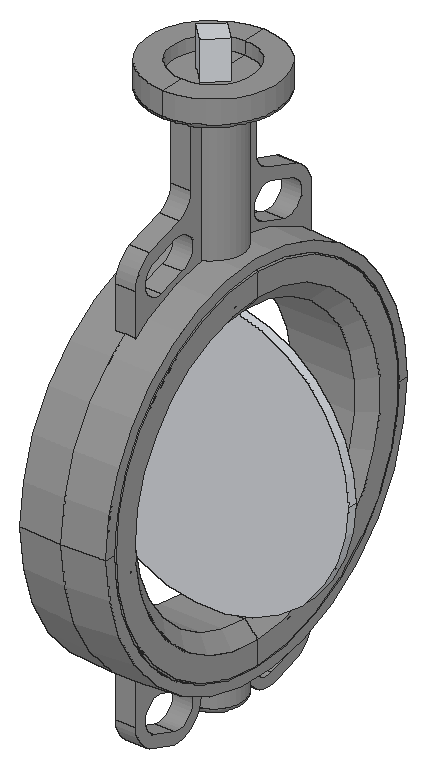
Revit family "HERZ Isolating Butterfly Valves ZF-4219", category Rohrzubehör, Revit 2020
Family settings
  Bemaßung runder Anschluss = Durchmesser verwenden
  Teiletyp = Unterbricht
  Arbeitsebenenbasiert = Nein
  Immer vertikal = Ja
  Beim Laden mit Abzugskörper schneiden = Nein
  Gemeinsam genutzt = Nein
Parameters
  Weight [instance] = size_lookup("4219_ZF", "M", 37.6, Nennweite)  # 16.6
  Vorgabe-Ansicht = 0 mm
  URL = "www.herzvalves.com"
  Spindle = "stainless steel ASTM-A276 / Type 316"  # constant formula
  Screws PN16 [instance] = if(Nennweite = 50 mm, "4x M16x100", if(Nennweite = 65 mm, "4x M16x100", if(Nennweite = 80 mm, "8x M16x100", if(Nennweite = 100 mm, "8x M16x110", if(Nennweite = 125 mm, "8x M16x120", if(Nennweite = 150 mm, "8x M20x120", if(Nennweite = 200 mm, "12x M20x130", if(Nennweite = 250 mm, "12x M24x140", "12x M24x160"))))))))  # "12x M20x130"
  Screws PN 6 [instance] = if(Nennweite = 50 mm, "4x M12x100", if(Nennweite = 65 mm, "4x M12x100", if(Nennweite = 80 mm, "4x M16x100", if(Nennweite = 100 mm, "4x M16x100", if(Nennweite = 125 mm, "8x M16x110", if(Nennweite = 150 mm, "8x M16x110", if(Nennweite = 200 mm, "--", if(Nennweite = 250 mm, "12x M16x130", "12xM16x140"))))))))  # "--"
  Screws PN10 [instance] = if(Nennweite = 50 mm, "4x M16x100", if(Nennweite = 65 mm, "4x M16x100", if(Nennweite = 80 mm, "4x M16x100", if(Nennweite = 100 mm, "4x M16x110", if(Nennweite = 125 mm, "8x M16x120", if(Nennweite = 150 mm, "8x M20x120", if(Nennweite = 200 mm, "8x M20x130", if(Nennweite = 250 mm, "12x M20x130", "12x M20x150"))))))))  # "8x M20x130"
  SCTWSEQ = "FW;SBT_TYP_FW=\"101\";2"
  SCTWCODE = "04;07;02"  # constant formula
  SCRNSEQ = "ARM;ARM_TYP=\"ALLF\";2"
  SCRNCODE = "05;13;02"  # constant formula
  R_Dichtung = 1.5 mm  # constant formula
  Part number [instance] = size_lookup("4219_ZF", "Artnr", 1421901, Nennweite)  # 1421927
  PN16 [instance] = or(Nennweite = 50 mm, Nennweite = 65 mm, Nennweite = 80 mm, Nennweite = 100 mm, Nennweite = 125 mm, Nennweite = 150 mm, Nennweite = 200 mm, Nennweite = 250 mm, Nennweite = 300 mm)  # yes
  PN10 [instance] = or(Nennweite = 50 mm, Nennweite = 65 mm, Nennweite = 80 mm, Nennweite = 100 mm, Nennweite = 125 mm, Nennweite = 150 mm, Nennweite = 200 mm, Nennweite = 250 mm, Nennweite = 300 mm)  # yes
  PN 6 [instance] = or(Nennweite = 50 mm, Nennweite = 65 mm, Nennweite = 80 mm, Nennweite = 100 mm, Nennweite = 125 mm, Nennweite = 150 mm, Nennweite = 250 mm, Nennweite = 300 mm)  # no
  PN = 16  # constant formula
  O-Ring = "EPDM according to ISO 1691"  # constant formula
  Nennweite [instance] = 200 mm
  Min. operating temperature = "-20.00 °C with appropriate water-glycol mixture"  # constant formula
  Medium = "Heating water quality according ÖNORM H5195 or VDI-Standard 2035. The use of ethylene or propylene glycol in a\nmixing ratio 25- 50% is allowed."
  Max. operating temperature = 110 °C  # constant formula
  LO1 [instance] = R05 + 10 mm  # 141 mm
  L16 [instance] = L01 - L13  # 236 mm
  L15 [instance] = L01 + L12  # 263 mm
  L14 [instance] = size_lookup("4219_ZF", "L_14", 44.4 mm, Nennweite)  # 61.5 mm
  L13 [instance] = size_lookup("4219_ZF", "L_13", 15 mm, Nennweite)  # 9 mm
  L12 [instance] = size_lookup("4219_ZF", "L_12", 15 mm, Nennweite)  # 18 mm
  L11 [instance] = size_lookup("4219_ZF", "L_11", 15 mm, Nennweite)  # 20 mm
  L10 [instance] = size_lookup("4219_ZF", "L_10", 16 mm, Nennweite)  # 16 mm
  L09 [instance] = size_lookup("4219_ZF", "L9", 29 mm, Nennweite)  # 44 mm
  L08 [instance] = size_lookup("4219_ZF", "L8", 43 mm, Nennweite)  # 60 mm
  L07 [instance] = size_lookup("4219_ZF", "L7", 3.5 mm, Nennweite)  # 4.5 mm
  L06 [instance] = size_lookup("4219_ZF", "L6", 18 mm, Nennweite)  # 32 mm
  L05 [instance] = size_lookup("4219_ZF", "L5", 35 mm, Nennweite)  # 50 mm
  L04 [instance] = size_lookup("4219_ZF", "L4", 35 mm, Nennweite)  # 17.5 mm
  L03 [instance] = size_lookup("4219_ZF", "L3", 35 mm, Nennweite)  # 152.5 mm
  L02 [instance] = size_lookup("4219_ZF", "L2", 35 mm, Nennweite)  # 109 mm
  L01 [instance] = size_lookup("4219_ZF", "L1", 35 mm, Nennweite)  # 245 mm
  Hersteller = "HERZ Armaturen Ges.m.b.H."  # constant formula
  H [instance] = size_lookup("4219_ZF", "H1", 9 mm, Nennweite)  # 17 mm
  Flange = "according to EN1092-2"  # constant formula
  Einbaudatum [instance] = ""
  Torque in Nm [instance] = size_lookup("4219_ZF", "NM", 350, Nennweite)  # 150
  Disc = "stainless steel 1.4408"  # constant formula
  DN300 [instance] = Nennweite = 300 mm  # no
  DN250 [instance] = Nennweite = 250 mm  # no
  DN200 [instance] = Nennweite = 200 mm  # yes
  DN150 [instance] = Nennweite = 150 mm  # no
  DN125 [instance] = Nennweite = 125 mm  # no
  DN100 [instance] = Nennweite = 100 mm  # no
  DN 80 [instance] = Nennweite = 80 mm  # no
  DN 65 [instance] = Nennweite = 65 mm  # no
  DN 50 [instance] = Nennweite = 50 mm  # no
  Chargennummer [instance] = ""
  Body sealing = "EPDM according to ISO 1691"  # constant formula
  Body = "GG, GJL-250/JL1040, according to EN1561"  # constant formula
  BD [instance] = size_lookup("4219_ZF", "DB", 24 mm, Nennweite)  # 193.6 mm
  D09 [instance] = size_lookup("4219_ZF", "D9", 24 mm, Nennweite)  # 96.5 mm
  D08 [instance] = size_lookup("4219_ZF", "D8", 47 mm, Nennweite)  # 14 mm
  D07 [instance] = size_lookup("4219_ZF", "D7", 47 mm, Nennweite)  # 27.5 mm
  D06 [instance] = size_lookup("4219_ZF", "D6", 47 mm, Nennweite)  # 44 mm
  R05 [instance] = size_lookup("4219_ZF", "D5", 47 mm, Nennweite)  # 131 mm
  D05 [instance] = R05 * 2  # 262 mm
  D04 [instance] = size_lookup("4219_ZF", "D4", 41 mm, Nennweite)  # 124 mm
  D03 [instance] = size_lookup("4219_ZF", "D3", 35.5 mm, Nennweite)  # 116.5 mm
  R01 [instance] = size_lookup("4219_ZF", "D1", 28 mm, Nennweite)  # 103.5 mm
  R02 [instance] = size_lookup("4219_ZF", "D2", 30 mm, Nennweite)  # 105.5 mm
  Application = "Suitable for fluids in building services, cold water systems, hot water saystems, etc."
Reference planes
  plane 1 "Mitte (Vorne/hinten)": y = 0
  plane 2: z = 0
  plane 3 "Mitte (Links/rechts)": x = 0
Forms (mm)
  Revolve 1, solid, material "Herz-Metall-blau", detail levels fine
    sketch origin (0, 0, 0) x (1, 0, 0) y (0, 1, 0)
      loop
        line (0, 132.724) -> (-30, 131) -> (-30, 124) -> (-22, 124) -> (-22, 116.5) -> (-23.5, 116.5)
        arc (-23.5, 116.5) -> (-24.561, 116.061) -> (-25, 115) r 1.5
        line (-25, 115) -> (-25, 105.824)
        arc (-25, 105.824) -> (-24.729, 104.964) -> (-24.013, 104.415) r 1.5
        line (-24.013, 104.415) -> (-20.5, 103.5) -> (-16, 103.5) -> (-16, 105.5) -> (16, 105.5) -> (16, 103.5) -> (20.5, 103.5) -> (24.013, 104.415)
        arc (24.013, 104.415) -> (24.729, 104.964) -> (25, 105.824) r 1.5
        line (25, 105.824) -> (25, 115)
        arc (25, 115) -> (24.561, 116.061) -> (23.5, 116.5) r 1.5
        line (23.5, 116.5) -> (22, 116.5) -> (22, 124) -> (30, 124) -> (30, 131) -> (0, 132.724)
      axis (30, 0) -> (-30, 0)
    angle from 0 to 360
  Extrusion 2, solid, material "Herz-Metall-blau", visible <- "DN 50", detail levels fine
    sketch origin (0, 0, 0) x (0, 1, 0) y (0, 0, 1)
      loop
        line (20, 54.051) -> (20.008, 111.113) -> (16.897, 110.952)
        arc (16.897, 110.952) -> (15.55, 110.331) -> (15, 108.954) r 2
        line (15, 108.954) -> (15, 44.542)
        arc (15, 44.542) -> (31.465, 34.913) -> (42.748, 19.534) r 47
        arc (42.748, 19.534) -> (42.633, 20.873) -> (43.392, 21.983) r 2
        line (43.392, 21.983) -> (54.714, 30.209)
        arc (54.714, 30.209) -> (56.569, 56.569) -> (30.209, 54.714) r 17.5
        line (30.209, 54.714) -> (27.87, 51.494)
        arc (27.87, 51.494) -> (23.006, 49.914) -> (20, 54.051) r 4.35
      loop
        arc (32.065, 41.998) -> (33.588, 33.588) -> (41.998, 32.065) r 7.5
        line (41.998, 32.065) -> (48.502, 35.17)
        arc (48.502, 35.17) -> (51.265, 51.265) -> (35.17, 48.502) r 10
        line (35.17, 48.502) -> (32.065, 41.998)
      loop
        arc (-20, 54.051) -> (-23.006, 49.914) -> (-27.87, 51.494) r 4.35
        line (-27.87, 51.494) -> (-30.209, 54.714)
        arc (-30.209, 54.714) -> (-56.569, 56.569) -> (-54.714, 30.209) r 17.5
        line (-54.714, 30.209) -> (-43.392, 21.983)
        arc (-43.392, 21.983) -> (-42.633, 20.873) -> (-42.748, 19.534) r 2
        arc (-42.748, 19.534) -> (-31.465, 34.913) -> (-15, 44.542) r 47
        line (-15, 44.542) -> (-15, 108.954)
        arc (-15, 108.954) -> (-15.55, 110.331) -> (-16.897, 110.952) r 2
        line (-16.897, 110.952) -> (-20.008, 111.113) -> (-20, 54.051)
      loop
        line (-32.065, 41.998) -> (-35.17, 48.502)
        arc (-35.17, 48.502) -> (-51.265, 51.265) -> (-48.502, 35.17) r 10
        line (-48.502, 35.17) -> (-41.998, 32.065)
        arc (-41.998, 32.065) -> (-33.588, 33.588) -> (-32.065, 41.998) r 7.5
      loop
        line (32.065, -41.998) -> (35.17, -48.502)
        arc (35.17, -48.502) -> (51.265, -51.265) -> (48.502, -35.17) r 10
        line (48.502, -35.17) -> (41.998, -32.065)
        arc (41.998, -32.065) -> (33.588, -33.588) -> (32.065, -41.998) r 7.5
      loop
        line (54.714, -30.209) -> (43.392, -21.983)
        arc (43.392, -21.983) -> (42.633, -20.873) -> (42.748, -19.534) r 2
        arc (42.748, -19.534) -> (33.234, -33.234) -> (19.534, -42.748) r 47
        arc (19.534, -42.748) -> (20.873, -42.633) -> (21.983, -43.392) r 2
        line (21.983, -43.392) -> (30.209, -54.714)
        arc (30.209, -54.714) -> (56.569, -56.569) -> (54.714, -30.209) r 17.5
      loop
        arc (-32.065, -41.998) -> (-33.588, -33.588) -> (-41.998, -32.065) r 7.5
        line (-41.998, -32.065) -> (-48.502, -35.17)
        arc (-48.502, -35.17) -> (-51.265, -51.265) -> (-35.17, -48.502) r 10
        line (-35.17, -48.502) -> (-32.065, -41.998)
      loop
        arc (-54.714, -30.209) -> (-56.569, -56.569) -> (-30.209, -54.714) r 17.5
        line (-30.209, -54.714) -> (-21.983, -43.392)
        arc (-21.983, -43.392) -> (-20.873, -42.633) -> (-19.534, -42.748) r 2
        arc (-19.534, -42.748) -> (-33.234, -33.234) -> (-42.748, -19.534) r 47
        arc (-42.748, -19.534) -> (-42.633, -20.873) -> (-43.392, -21.983) r 2
        line (-43.392, -21.983) -> (-54.714, -30.209)
    from -4.5 to 4.5
  Extrusion 3, solid, material "Herz-Metall-blau", visible <- "DN 65", detail levels fine
    sketch origin (0, 0, 0) x (0, 1, 0) y (0, 0, 1)
      loop
        arc (51.659, 21.619) -> (51.541, 22.778) -> (52.089, 23.805) r 2
        line (52.089, 23.805) -> (65.407, 37.123)
        arc (65.407, 37.123) -> (65.407, 65.407) -> (37.123, 65.407) r 20
        line (37.123, 65.407) -> (29.414, 57.699)
        arc (29.414, 57.699) -> (27.235, 57.265) -> (26, 59.113) r 2
        line (26, 59.113) -> (26, 136.154) -> (19.897, 135.838)
        arc (19.897, 135.838) -> (18.55, 135.218) -> (18, 133.841) r 2
        line (18, 133.841) -> (18, 53.028)
        arc (18, 53.028) -> (38.206, 40.942) -> (51.659, 21.619) r 56
      loop
        arc (55.637, 42.831) -> (57.983, 57.983) -> (42.831, 55.637) r 9.5
        line (42.831, 55.637) -> (39.647, 48.983)
        arc (39.647, 48.983) -> (41.012, 41.012) -> (48.983, 39.647) r 7
        line (48.983, 39.647) -> (55.637, 42.831)
      loop
        arc (51.659, -21.619) -> (39.598, -39.598) -> (21.619, -51.659) r 56
        arc (21.619, -51.659) -> (22.778, -51.541) -> (23.805, -52.089) r 2
        line (23.805, -52.089) -> (37.123, -65.407)
        arc (37.123, -65.407) -> (65.407, -65.407) -> (65.407, -37.123) r 20
        line (65.407, -37.123) -> (52.089, -23.805)
        arc (52.089, -23.805) -> (51.541, -22.778) -> (51.659, -21.619) r 2
      loop
        line (55.637, -42.831) -> (48.983, -39.647)
        arc (48.983, -39.647) -> (41.012, -41.012) -> (39.647, -48.983) r 7
        line (39.647, -48.983) -> (42.831, -55.637)
        arc (42.831, -55.637) -> (57.983, -57.983) -> (55.637, -42.831) r 9.5
      loop
        arc (-51.659, -21.619) -> (-51.541, -22.778) -> (-52.089, -23.805) r 2
        line (-52.089, -23.805) -> (-65.407, -37.123)
        arc (-65.407, -37.123) -> (-65.407, -65.407) -> (-37.123, -65.407) r 20
        line (-37.123, -65.407) -> (-23.805, -52.089)
        arc (-23.805, -52.089) -> (-22.778, -51.541) -> (-21.619, -51.659) r 2
        arc (-21.619, -51.659) -> (-39.598, -39.598) -> (-51.659, -21.619) r 56
      loop
        arc (-55.637, -42.831) -> (-57.983, -57.983) -> (-42.831, -55.637) r 9.5
        line (-42.831, -55.637) -> (-39.647, -48.983)
        arc (-39.647, -48.983) -> (-41.012, -41.012) -> (-48.983, -39.647) r 7
        line (-48.983, -39.647) -> (-55.637, -42.831)
      loop
        arc (-51.659, 21.619) -> (-38.206, 40.942) -> (-18, 53.028) r 56
        line (-18, 53.028) -> (-18, 133.838)
        arc (-18, 133.838) -> (-18.55, 135.215) -> (-19.897, 135.835) r 2
        line (-19.897, 135.835) -> (-26, 136.151) -> (-26, 59.113)
        arc (-26, 59.113) -> (-27.235, 57.265) -> (-29.414, 57.699) r 2
        line (-29.414, 57.699) -> (-37.123, 65.407)
        arc (-37.123, 65.407) -> (-65.407, 65.407) -> (-65.407, 37.123) r 20
        line (-65.407, 37.123) -> (-52.089, 23.805)
        arc (-52.089, 23.805) -> (-51.541, 22.778) -> (-51.659, 21.619) r 2
      loop
        line (-55.637, 42.831) -> (-48.983, 39.647)
        arc (-48.983, 39.647) -> (-41.012, 41.012) -> (-39.647, 48.983) r 7
        line (-39.647, 48.983) -> (-42.831, 55.637)
        arc (-42.831, 55.637) -> (-57.983, 57.983) -> (-55.637, 42.831) r 9.5
    from -4.5 to 4.5
  Extrusion 4, solid, material "Herz-Metall-blau", visible <- "DN 80", detail levels fine
    sketch origin (0, 0, 0) x (0, 1, 0) y (0, 0, 1)
      loop
        line (26, 143.161) -> (20.397, 142.871)
        arc (20.397, 142.871) -> (19.05, 142.251) -> (18.5, 140.874) r 2
        line (18.5, 140.874) -> (18.5, 62.833)
        arc (18.5, 62.833) -> (41.296, 50.842) -> (57.706, 30.989) r 65.5
        arc (57.706, 30.989) -> (57.482, 32.176) -> (57.983, 33.275) r 2
        line (57.983, 33.275) -> (67.23, 43.52)
        arc (67.23, 43.52) -> (70.328, 54.798) -> (65.407, 65.407) r 17
        line (65.407, 65.407) -> (42.005, 86.53)
        arc (42.005, 86.53) -> (37.832, 89.302) -> (33.031, 90.738) r 17
        arc (33.031, 90.738) -> (27.974, 93.895) -> (26, 99.52) r 9
        line (26, 99.52) -> (26, 143.161)
      loop
        circle (30.615, 73.91) r 9.5
      loop
        circle (53.387, 53.387) r 9.5
      loop
        arc (57.706, -30.989) -> (41.296, -50.842) -> (18.5, -62.833) r 65.5
        line (18.5, -62.833) -> (18.5, -85.837)
        arc (18.5, -85.837) -> (30.113, -90.903) -> (42.005, -86.53) r 17
        line (42.005, -86.53) -> (65.407, -65.407)
        arc (65.407, -65.407) -> (70.328, -54.798) -> (67.23, -43.52) r 17
        line (67.23, -43.52) -> (57.983, -33.275)
        arc (57.983, -33.275) -> (57.482, -32.176) -> (57.706, -30.989) r 2
      loop
        circle (30.615, -73.91) r 9.5
      loop
        circle (53.387, -53.387) r 9.5
      loop
        arc (-57.706, -30.989) -> (-57.482, -32.176) -> (-57.983, -33.275) r 2
        line (-57.983, -33.275) -> (-67.23, -43.52)
        arc (-67.23, -43.52) -> (-70.328, -54.798) -> (-65.407, -65.407) r 17
        line (-65.407, -65.407) -> (-42.005, -86.53)
        arc (-42.005, -86.53) -> (-30.113, -90.903) -> (-18.5, -85.837) r 17
        line (-18.5, -85.837) -> (-18.5, -62.833)
        arc (-18.5, -62.833) -> (-41.296, -50.842) -> (-57.706, -30.989) r 65.5
      loop
        circle (-30.615, -73.91) r 9.5
      loop
        circle (-53.387, -53.387) r 9.5
      loop
        line (-26, 143.179) -> (-26, 99.52)
        arc (-26, 99.52) -> (-27.974, 93.895) -> (-33.031, 90.738) r 9
        arc (-33.031, 90.738) -> (-37.832, 89.302) -> (-42.005, 86.53) r 17
        line (-42.005, 86.53) -> (-65.407, 65.407)
        arc (-65.407, 65.407) -> (-70.328, 54.798) -> (-67.23, 43.52) r 17
        line (-67.23, 43.52) -> (-57.983, 33.275)
        arc (-57.983, 33.275) -> (-57.482, 32.176) -> (-57.706, 30.989) r 2
        arc (-57.706, 30.989) -> (-41.296, 50.842) -> (-18.5, 62.833) r 65.5
        line (-18.5, 62.833) -> (-18.5, 140.891)
        arc (-18.5, 140.891) -> (-19.05, 142.268) -> (-20.397, 142.888) r 2
        line (-20.397, 142.888) -> (-26, 143.179)
      loop
        circle (-30.615, 73.91) r 9.5
      loop
        circle (-53.387, 53.387) r 9.5
    from -4.5 to 4.5
  Extrusion 5, solid, material "Herz-Metall-blau", visible <- "DN100", detail levels fine
    sketch origin (0, 0, 0) x (0, 1, 0) y (0, 0, 1)
      loop
        line (64.131, 38.887) -> (73.681, 49.873)
        arc (73.681, 49.873) -> (77.063, 61.29) -> (72.125, 72.125) r 17
        line (72.125, 72.125) -> (45.809, 95.79)
        arc (45.809, 95.79) -> (41.366, 98.675) -> (36.25, 100.053) r 17
        arc (36.25, 100.053) -> (28.882, 104.596) -> (26, 112.759) r 13
        line (26, 112.759) -> (26, 166.173) -> (20.397, 165.883)
        arc (20.397, 165.883) -> (19.05, 165.263) -> (18.5, 163.886) r 2
        line (18.5, 163.886) -> (18.5, 72.683)
        arc (18.5, 72.683) -> (44.637, 60.27) -> (64.131, 38.887) r 75
      loop
        circle (60.104, 60.104) r 9.5
      loop
        circle (34.442, 83.149) r 9.5
      loop
        arc (64.131, -38.887) -> (44.637, -60.27) -> (18.5, -72.683) r 75
        line (18.5, -72.683) -> (18.5, -95.329)
        arc (18.5, -95.329) -> (21.473, -95.603) -> (24.233, -96.743) r 10
        arc (24.233, -96.743) -> (35.191, -100.133) -> (45.809, -95.79) r 17
        line (45.809, -95.79) -> (72.125, -72.125)
        arc (72.125, -72.125) -> (77.063, -61.29) -> (73.681, -49.873) r 17
        line (73.681, -49.873) -> (64.131, -38.887)
      loop
        circle (60.104, -60.104) r 9.5
      loop
        circle (34.442, -83.149) r 9.5
      loop
        line (-64.131, -38.887) -> (-73.681, -49.873)
        arc (-73.681, -49.873) -> (-77.063, -61.29) -> (-72.125, -72.125) r 17
        line (-72.125, -72.125) -> (-45.809, -95.79)
        arc (-45.809, -95.79) -> (-35.191, -100.133) -> (-24.233, -96.743) r 17
        arc (-24.233, -96.743) -> (-21.473, -95.603) -> (-18.5, -95.329) r 10
        line (-18.5, -95.329) -> (-18.5, -72.683)
        arc (-18.5, -72.683) -> (-44.637, -60.27) -> (-64.131, -38.887) r 75
      loop
        circle (-60.104, -60.104) r 9.5
      loop
        circle (-34.442, -83.149) r 9.5
      loop
        arc (-64.131, 38.887) -> (-44.637, 60.27) -> (-18.5, 72.683) r 75
        line (-18.5, 72.683) -> (-18.5, 163.876)
        arc (-18.5, 163.876) -> (-19.05, 165.253) -> (-20.397, 165.873) r 2
        line (-20.397, 165.873) -> (-26, 166.164) -> (-26, 112.759)
        arc (-26, 112.759) -> (-28.882, 104.596) -> (-36.25, 100.053) r 13
        arc (-36.25, 100.053) -> (-41.366, 98.675) -> (-45.809, 95.79) r 17
        line (-45.809, 95.79) -> (-72.125, 72.125)
        arc (-72.125, 72.125) -> (-77.063, 61.29) -> (-73.681, 49.873) r 17
        line (-73.681, 49.873) -> (-64.131, 38.887)
      loop
        circle (-60.104, 60.104) r 9.5
      loop
        circle (-34.442, 83.149) r 9.5
    from -4.5 to 4.5
  Extrusion 6, solid, material "Herz-Metall-blau", visible <- "DN125", detail levels fine
    sketch origin (0, 0, 0) x (0, 1, 0) y (0, 0, 1)
      loop
        arc (75.229, 48.945) -> (74.917, 50.244) -> (75.492, 51.45) r 2
        line (75.492, 51.45) -> (82.731, 58.69)
        arc (82.731, 58.69) -> (87.711, 70.711) -> (82.731, 82.731) r 17
        line (82.731, 82.731) -> (51.291, 109.875)
        arc (51.291, 109.875) -> (46.108, 112.941) -> (40.182, 114.007) r 17
        line (40.182, 114.007) -> (38, 114.007)
        arc (38, 114.007) -> (29.515, 117.522) -> (26, 126.007) r 12
        line (26, 126.007) -> (26, 185.157) -> (20.397, 184.867)
        arc (20.397, 184.867) -> (19.05, 184.246) -> (18.5, 182.869) r 2
        line (18.5, 182.869) -> (18.5, 87.823)
        arc (18.5, 87.823) -> (50.736, 74.033) -> (75.229, 48.945) r 89.75
      loop
        circle (40.182, 97.007) r 9.5
      loop
        circle (70.711, 70.711) r 9.5
      loop
        arc (75.229, -48.945) -> (50.736, -74.033) -> (18.5, -87.823) r 89.75
        line (18.5, -87.823) -> (18.5, -108.431)
        arc (18.5, -108.431) -> (24.248, -107.655) -> (29.46, -110.2) r 10
        arc (29.46, -110.2) -> (40.434, -114.005) -> (51.291, -109.875) r 17
        line (51.291, -109.875) -> (82.731, -82.731)
        arc (82.731, -82.731) -> (87.711, -70.711) -> (82.731, -58.69) r 17
        line (82.731, -58.69) -> (75.492, -51.45)
        arc (75.492, -51.45) -> (74.917, -50.244) -> (75.229, -48.945) r 2
      loop
        circle (40.182, -97.007) r 9.5
      loop
        circle (70.711, -70.711) r 9.5
      loop
        arc (-75.229, -48.945) -> (-74.917, -50.244) -> (-75.492, -51.45) r 2
        line (-75.492, -51.45) -> (-82.731, -58.69)
        arc (-82.731, -58.69) -> (-87.711, -70.711) -> (-82.731, -82.731) r 17
        line (-82.731, -82.731) -> (-51.291, -109.875)
        arc (-51.291, -109.875) -> (-40.434, -114.005) -> (-29.46, -110.2) r 17
        arc (-29.46, -110.2) -> (-24.248, -107.655) -> (-18.5, -108.431) r 10
        line (-18.5, -108.431) -> (-18.5, -87.823)
        arc (-18.5, -87.823) -> (-50.736, -74.033) -> (-75.229, -48.945) r 89.75
      loop
        circle (-40.182, -97.007) r 9.5
      loop
        circle (-70.711, -70.711) r 9.5
      loop
        arc (-75.229, 48.945) -> (-50.736, 74.033) -> (-18.5, 87.823) r 89.75
        line (-18.5, 87.823) -> (-18.5, 182.852)
        arc (-18.5, 182.852) -> (-19.05, 184.23) -> (-20.397, 184.85) r 2
        line (-20.397, 184.85) -> (-26, 185.14) -> (-26, 126.007)
        arc (-26, 126.007) -> (-29.515, 117.522) -> (-38, 114.007) r 12
        line (-38, 114.007) -> (-40.182, 114.007)
        arc (-40.182, 114.007) -> (-46.108, 112.941) -> (-51.291, 109.875) r 17
        line (-51.291, 109.875) -> (-82.731, 82.731)
        arc (-82.731, 82.731) -> (-87.711, 70.711) -> (-82.731, 58.69) r 17
        line (-82.731, 58.69) -> (-75.492, 51.45)
        arc (-75.492, 51.45) -> (-74.917, 50.244) -> (-75.229, 48.945) r 2
      loop
        circle (-40.182, 97.007) r 9.5
      loop
        circle (-70.711, 70.711) r 9.5
    from -6 to 6
  Extrusion 7, solid, material "Herz-Metall-blau", visible <- "DN150", detail levels fine
    sketch origin (0, 0, 0) x (0, 1, 0) y (0, 0, 1)
      loop
        line (83.495, 59.454) -> (91.57, 67.529)
        arc (91.57, 67.529) -> (96.55, 79.55) -> (91.57, 91.57) r 17
        line (91.57, 91.57) -> (57.511, 123.304)
        arc (57.511, 123.304) -> (45.758, 127.865) -> (34.095, 123.077) r 17
        arc (34.095, 123.077) -> (28.976, 122.416) -> (26, 126.633) r 5
        line (26, 126.633) -> (26, 198.177) -> (20.397, 197.887)
        arc (20.397, 197.887) -> (19.05, 197.267) -> (18.5, 195.889) r 2
        line (18.5, 195.889) -> (18.5, 100.817)
        arc (18.5, 100.817) -> (55.032, 86.474) -> (83.495, 59.454) r 102.5
      loop
        circle (45.922, 110.866) r 11.5
      loop
        circle (79.55, 79.55) r 9.5
      loop
        circle (45.922, -110.866) r 11.5
      loop
        circle (79.55, -79.55) r 9.5
      loop
        line (91.57, -67.529) -> (83.495, -59.454)
        arc (83.495, -59.454) -> (55.032, -86.474) -> (18.5, -100.817) r 102.5
        line (18.5, -100.817) -> (18.5, -123.208)
        arc (18.5, -123.208) -> (19.363, -121.755) -> (21.03, -121.482) r 2
        line (21.03, -121.482) -> (42.642, -127.546)
        arc (42.642, -127.546) -> (50.587, -127.213) -> (57.511, -123.304) r 17
        line (57.511, -123.304) -> (91.57, -91.57)
        arc (91.57, -91.57) -> (96.55, -79.55) -> (91.57, -67.529) r 17
      loop
        arc (-83.495, 59.454) -> (-55.032, 86.474) -> (-18.5, 100.817) r 102.5
        line (-18.5, 100.817) -> (-18.5, 195.875)
        arc (-18.5, 195.875) -> (-19.05, 197.252) -> (-20.397, 197.872) r 2
        line (-20.397, 197.872) -> (-26, 198.163) -> (-26, 126.633)
        arc (-26, 126.633) -> (-28.976, 122.416) -> (-34.095, 123.077) r 5
        arc (-34.095, 123.077) -> (-45.758, 127.865) -> (-57.511, 123.304) r 17
        line (-57.511, 123.304) -> (-91.57, 91.57)
        arc (-91.57, 91.57) -> (-96.55, 79.55) -> (-91.57, 67.529) r 17
        line (-91.57, 67.529) -> (-83.495, 59.454)
      loop
        circle (-45.922, 110.866) r 11.5
      loop
        circle (-79.55, 79.55) r 9.5
      loop
        circle (-45.922, -110.866) r 11.5
      loop
        circle (-79.55, -79.55) r 9.5
      loop
        arc (-91.57, -67.529) -> (-96.55, -79.55) -> (-91.57, -91.57) r 17
        line (-91.57, -91.57) -> (-57.511, -123.304)
        arc (-57.511, -123.304) -> (-50.587, -127.213) -> (-42.642, -127.546) r 17
        line (-42.642, -127.546) -> (-21.03, -121.482)
        arc (-21.03, -121.482) -> (-19.363, -121.755) -> (-18.5, -123.208) r 2
        line (-18.5, -123.208) -> (-18.5, -100.817)
        arc (-18.5, -100.817) -> (-55.032, -86.474) -> (-83.495, -59.454) r 102.5
        line (-83.495, -59.454) -> (-91.57, -67.529)
    from -7 to 7
  Extrusion 8, solid, material "Herz-Metall-blau", visible <- "DN200", detail levels fine
    sketch origin (0, 0, 0) x (0, 1, 0) y (0, 0, 1)
      loop
        arc (42.048, 153.832) -> (26.654, 145.827) -> (35.349, 130.812) r 12
        line (35.349, 130.812) -> (53.31, 124.689)
        arc (53.31, 124.689) -> (67.804, 132.4) -> (61.038, 147.359) r 12
        line (61.038, 147.359) -> (42.048, 153.832)
      loop
        line (28, 226.273) -> (22.065, 226.047)
        arc (22.065, 226.047) -> (20.655, 225.469) -> (20, 224.092) r 2.114
        line (20, 224.092) -> (20, 129.471)
        arc (20, 129.471) -> (49.604, 121.273) -> (76.485, 106.406) r 130.989
        line (76.485, 106.406) -> (76.485, 136.265)
        arc (76.485, 136.265) -> (73.108, 147.391) -> (64.117, 154.764) r 20.019
        line (64.117, 154.764) -> (38.16, 163.592)
        arc (38.16, 163.592) -> (30.802, 169.06) -> (28, 177.79) r 15
        line (28, 177.79) -> (28, 226.273)
      loop
        line (42.048, -153.832) -> (61.038, -147.359)
        arc (61.038, -147.359) -> (67.804, -132.4) -> (53.31, -124.689) r 12
        line (53.31, -124.689) -> (35.349, -130.812)
        arc (35.349, -130.812) -> (26.654, -145.827) -> (42.048, -153.832) r 12
      loop
        arc (76.446, -106.382) -> (49.585, -121.253) -> (20, -129.464) r 131
        line (20, -129.464) -> (20, -141.835)
        arc (20, -141.835) -> (28.361, -158.099) -> (46.453, -160.765) r 20
        line (46.453, -160.765) -> (64.099, -154.75)
        arc (64.099, -154.75) -> (73.075, -147.384) -> (76.446, -136.272) r 20
        line (76.446, -136.272) -> (76.446, -106.382)
      loop
        arc (-42.048, -153.832) -> (-26.654, -145.827) -> (-35.349, -130.812) r 12
        line (-35.349, -130.812) -> (-53.31, -124.689)
        arc (-53.31, -124.689) -> (-67.804, -132.4) -> (-61.038, -147.359) r 12
        line (-61.038, -147.359) -> (-42.048, -153.832)
      loop
        line (-76.446, -106.382) -> (-76.446, -136.272)
        arc (-76.446, -136.272) -> (-73.075, -147.384) -> (-64.099, -154.75) r 20
        line (-64.099, -154.75) -> (-46.453, -160.765)
        arc (-46.453, -160.765) -> (-28.361, -158.099) -> (-20, -141.835) r 20
        line (-20, -141.835) -> (-20, -129.464)
        arc (-20, -129.464) -> (-49.585, -121.253) -> (-76.446, -106.382) r 131
      loop
        line (-42.048, 153.832) -> (-61.038, 147.359)
        arc (-61.038, 147.359) -> (-67.804, 132.4) -> (-53.31, 124.689) r 12
        line (-53.31, 124.689) -> (-35.349, 130.812)
        arc (-35.349, 130.812) -> (-26.654, 145.827) -> (-42.048, 153.832) r 12
      loop
        line (-28, 226.278) -> (-28, 177.79)
        arc (-28, 177.79) -> (-30.802, 169.06) -> (-38.16, 163.592) r 15
        line (-38.16, 163.592) -> (-64.117, 154.764)
        arc (-64.117, 154.764) -> (-73.108, 147.391) -> (-76.485, 136.265) r 20.019
        line (-76.485, 136.265) -> (-76.485, 106.406)
        arc (-76.485, 106.406) -> (-49.604, 121.273) -> (-20, 129.471) r 130.989
        line (-20, 129.471) -> (-20, 224.098)
        arc (-20, 224.098) -> (-20.655, 225.475) -> (-22.065, 226.053) r 2.114
        line (-22.065, 226.053) -> (-28, 226.278)
    from -7 to 7
  Extrusion 9, solid, material "Herz-Metall-blau", visible <- "DN250", detail levels fine
    sketch origin (0, 0, 0) x (0, 1, 0) y (0, 0, 1)
      loop
        arc (-95.9, 125.382) -> (-61.406, 145.382) -> (-23, 156.095) r 157.75
        line (-23, 156.095) -> (-23, 258.814)
        arc (-23, 258.814) -> (-23.588, 260.113) -> (-24.893, 260.69) r 2
        line (-24.893, 260.69) -> (-32, 261.058) -> (-32, 187.712)
        arc (-32, 187.712) -> (-33.507, 185.205) -> (-36.428, 185.359) r 2.84
        arc (-36.428, 185.359) -> (-43.951, 188.152) -> (-51.918, 187.184) r 17
        line (-51.918, 187.184) -> (-97.072, 155.872)
        arc (-97.072, 155.872) -> (-100.207, 149.167) -> (-100.195, 141.765) r 17
        line (-100.195, 141.765) -> (-95.9, 125.382)
      loop
        circle (-83.608, 145.492) r 9.5
      loop
        circle (-45.549, 171.269) r 14
      loop
        arc (96.192, -125.349) -> (61.575, -145.51) -> (23, -156.317) r 157.999
        line (23, -156.317) -> (23, -181.388) -> (27.217, -181.388)
        arc (27.217, -181.388) -> (30.142, -181.826) -> (32.812, -183.1) r 10
        line (32.812, -183.1) -> (36.428, -185.542)
        arc (36.428, -185.542) -> (44.468, -188.388) -> (52.878, -186.972) r 17
        line (52.878, -186.972) -> (97.463, -155.872)
        arc (97.463, -155.872) -> (100.598, -149.167) -> (100.586, -141.765) r 17
        line (100.586, -141.765) -> (96.192, -125.349)
      loop
        circle (84, -145.492) r 9.5
      loop
        circle (45.94, -171.452) r 14
      loop
        line (-96.192, -125.349) -> (-100.586, -141.765)
        arc (-100.586, -141.765) -> (-100.598, -149.167) -> (-97.463, -155.872) r 17
        line (-97.463, -155.872) -> (-52.878, -186.972)
        arc (-52.878, -186.972) -> (-44.468, -188.388) -> (-36.428, -185.542) r 17
        line (-36.428, -185.542) -> (-32.812, -183.1)
        arc (-32.812, -183.1) -> (-30.142, -181.826) -> (-27.217, -181.388) r 10
        line (-27.217, -181.388) -> (-23, -181.388) -> (-23, -156.317)
        arc (-23, -156.317) -> (-61.575, -145.51) -> (-96.192, -125.349) r 157.999
      loop
        circle (-84, -145.492) r 9.5
      loop
        circle (-45.94, -171.452) r 14
      loop
        line (95.9, 125.2) -> (100.195, 141.582)
        arc (100.195, 141.582) -> (100.207, 148.984) -> (97.072, 155.689) r 17
        line (97.072, 155.689) -> (51.919, 187.036)
        arc (51.919, 187.036) -> (43.952, 188.006) -> (36.428, 185.212) r 17
        arc (36.428, 185.212) -> (33.507, 185.058) -> (32, 187.566) r 2.84
        line (32, 187.566) -> (32, 261.045) -> (24.893, 260.677)
        arc (24.893, 260.677) -> (23.588, 260.1) -> (23, 258.801) r 2
        line (23, 258.801) -> (23, 155.948)
        arc (23, 155.948) -> (61.411, 145.223) -> (95.9, 125.2) r 157.605
      loop
        circle (83.608, 145.31) r 9.5
      loop
        circle (45.549, 171.122) r 14
    from -9 to 9
  Extrusion 10, solid, material "Herz-Metall-blau", visible <- "DN300", detail levels fine
    sketch origin (0, 0, 0) x (0, 1, 0) y (0, 0, 1)
      loop
        arc (62.57, 187.834) -> (56.268, 211.23) -> (39.112, 194.12) r 14
        line (39.112, 194.12) -> (40.223, 189.928)
        arc (40.223, 189.928) -> (48.374, 181.769) -> (59.504, 184.767) r 11.5
        line (59.504, 184.767) -> (62.57, 187.834)
      loop
        circle (98.337, 170.892) r 12
      loop
        arc (113.094, 162.454) -> (114.748, 175.326) -> (106.837, 185.615) r 17
        line (106.837, 185.615) -> (61.701, 211.919)
        arc (61.701, 211.919) -> (54.44, 214.463) -> (46.806, 213.516) r 16.852
        arc (46.806, 213.516) -> (36.904, 213.681) -> (32, 222.285) r 10
        line (32, 222.285) -> (32, 286.38) -> (24.895, 286.033)
        arc (24.895, 286.033) -> (23.576, 285.442) -> (23, 284.117) r 2
        line (23, 284.117) -> (23, 181.202)
        arc (23, 181.202) -> (65.613, 170.505) -> (104.437, 149.94) r 182.63
        line (104.437, 149.94) -> (113.094, 162.454)
      loop
        line (62.984, -188.142) -> (59.917, -185.075)
        arc (59.917, -185.075) -> (48.787, -182.077) -> (40.637, -190.235) r 11.5
        line (40.637, -190.235) -> (39.525, -194.427)
        arc (39.525, -194.427) -> (56.681, -211.538) -> (62.984, -188.142) r 14
      loop
        circle (98.75, -171.04) r 12
      loop
        line (113.508, -162.601) -> (104.75, -150.055)
        arc (104.75, -150.055) -> (65.787, -170.766) -> (23, -181.549) r 183
        line (23, -181.549) -> (23, -206.327)
        arc (23, -206.327) -> (24.157, -204.218) -> (26.558, -204.062) r 2.5
        line (26.558, -204.062) -> (45.918, -213.443)
        arc (45.918, -213.443) -> (53.906, -214.994) -> (61.701, -212.654) r 17
        line (61.701, -212.654) -> (107.25, -185.762)
        arc (107.25, -185.762) -> (115.162, -175.474) -> (113.508, -162.601) r 17
      loop
        arc (-62.984, -188.142) -> (-56.681, -211.538) -> (-39.525, -194.427) r 14
        line (-39.525, -194.427) -> (-40.637, -190.235)
        arc (-40.637, -190.235) -> (-48.787, -182.077) -> (-59.917, -185.075) r 11.5
        line (-59.917, -185.075) -> (-62.984, -188.142)
      loop
        circle (-98.75, -171.04) r 12
      loop
        arc (-113.508, -162.601) -> (-115.162, -175.474) -> (-107.25, -185.762) r 17
        line (-107.25, -185.762) -> (-61.701, -212.654)
        arc (-61.701, -212.654) -> (-53.906, -214.994) -> (-45.918, -213.443) r 17
        line (-45.918, -213.443) -> (-26.558, -204.062)
        arc (-26.558, -204.062) -> (-24.157, -204.218) -> (-23, -206.327) r 2.5
        line (-23, -206.327) -> (-23, -181.549)
        arc (-23, -181.549) -> (-65.787, -170.766) -> (-104.75, -150.055) r 183
        line (-104.75, -150.055) -> (-113.508, -162.601)
      loop
        line (-62.574, 188.142) -> (-59.508, 185.075)
        arc (-59.508, 185.075) -> (-48.378, 182.077) -> (-40.227, 190.235) r 11.5
        line (-40.227, 190.235) -> (-39.116, 194.427)
        arc (-39.116, 194.427) -> (-56.272, 211.538) -> (-62.574, 188.142) r 14
      loop
        circle (-98.34, 171.04) r 12
      loop
        line (-113.098, 162.601) -> (-104.44, 150.087)
        arc (-104.44, 150.087) -> (-65.611, 170.637) -> (-23, 181.326) r 182.753
        line (-23, 181.326) -> (-23, 284.115)
        arc (-23, 284.115) -> (-23.577, 285.441) -> (-24.896, 286.032) r 2
        line (-24.896, 286.032) -> (-32, 286.379) -> (-32, 222.593)
        arc (-32, 222.593) -> (-37.217, 213.811) -> (-47.425, 214.193) r 10
        arc (-47.425, 214.193) -> (-54.523, 214.911) -> (-61.291, 212.654) r 17
        line (-61.291, 212.654) -> (-106.84, 185.762)
        arc (-106.84, 185.762) -> (-114.752, 175.474) -> (-113.098, 162.601) r 17
    from -9 to 9
  Revolve 11, solid, material "Herz-Metall-blau"
    sketch origin (0, 0, 0) x (0, 1, 0) y (0, 0, 1)
      loop
        line (0, -131) -> (0, -152.5) -> (17, -152.5)
        arc (17, -152.5) -> (19.121, -151.621) -> (20, -149.5) r 3
        line (20, -149.5) -> (20, -129.464)
        arc (20, -129.464) -> (10.029, -130.616) -> (0, -131) r 131
      axis (0, -129.464) -> (0, -152.5)
    angle from 0 to 360
  Revolve 12, solid, material "Herz-Metall-blau"
    sketch origin (0, 0, 0) x (0, 1, 0) y (0, 0, 1)
      loop
        line (0, 236) -> (0, 131)
        arc (0, 131) -> (10.029, 130.616) -> (20, 129.464) r 131
        line (20, 129.464) -> (20, 223.944)
        arc (20, 223.944) -> (20.549, 225.32) -> (21.895, 225.941) r 2
        line (21.895, 225.941) -> (42.105, 227)
        arc (42.105, 227) -> (43.451, 227.621) -> (44, 228.997) r 2
        line (44, 228.997) -> (44, 245) -> (27.5, 245) -> (27.5, 236) -> (0, 236)
      axis (0, 245) -> (0, 129.464)
    angle from 0 to 360
  Revolve 13, solid, material "Gummi"
    sketch origin (0, 0, 0) x (1, 0, 0) y (0, 0, 1)
      loop
        arc (-29.258, 124) -> (-30.313, 123.563) -> (-30.75, 122.508) r 1.492
        line (-30.75, 122.508) -> (-30.75, 105.718) -> (-22, 96.5) -> (22, 96.5) -> (30.75, 106.945) -> (30.75, 123)
        arc (30.75, 123) -> (30.457, 123.707) -> (29.75, 124) r 1
        line (29.75, 124) -> (22, 124) -> (22, 116.5) -> (23.5, 116.5)
        arc (23.5, 116.5) -> (24.561, 116.061) -> (25, 115) r 1.5
        line (25, 115) -> (25, 105.988)
        arc (25, 105.988) -> (24.622, 104.993) -> (23.68, 104.499) r 1.5
        line (23.68, 104.499) -> (20.5, 103.5) -> (16.527, 103.5) -> (16.527, 105.5) -> (-15.473, 105.5) -> (-15.473, 103.5) -> (-20.5, 103.5) -> (-23.68, 104.499)
        arc (-23.68, 104.499) -> (-24.622, 104.993) -> (-25, 105.988) r 1.5
        line (-25, 105.988) -> (-25, 115)
        arc (-25, 115) -> (-24.561, 116.061) -> (-23.5, 116.5) r 1.5
        line (-23.5, 116.5) -> (-22, 116.5) -> (-22, 124) -> (-29.258, 124)
      axis (-30.75, 0) -> (30.75, 0)
    angle from 0 to 360
  Extrusion 14, solid, detail levels fine
    sketch origin (0, 0, 0) x (1, 0, 0) y (0, 0, 1)
      loop
        circle (0, 0) r 96.8
    from -3 to 3
  Extrusion 15, solid, detail levels fine
    sketch origin (0, 0, 0) x (1, 0, 0) y (0, 1, 0)
      loop
        line (0, 12.021) -> (-12.021, 0) -> (0, -12.021) -> (12.021, 0) -> (0, 12.021)
    from 236 <- "L16" to 263 <- "L15"
Lines and regions (mm)
  model lines, detail levels coarse+medium
    curve 1: line (-30, 131, 0) -> (30, 131, 0)
    curve 2: line (-30, -131, 0) -> (-30, 131, 0)
    curve 3: line (30, -131, 0) -> (-30, -131, 0)
    curve 4: line (30, 131, 0) -> (30, -131, 0)
    curve 5: line (-30, 131, 0) -> (30, -131, 0)
    curve 6: circle (0, 0, 0) r 5 normal (0, 0, 1)
    curve 7: line (-30, 0, 131) -> (30, 0, 131)
    curve 8: line (-30, 0, -131) -> (-30, 0, 131)
    curve 9: line (30, 0, -131) -> (-30, 0, -131)
    curve 10: line (30, 0, 131) -> (30, 0, -131)
    curve 11: line (-30, 0, 131) -> (30, 0, -131)
    curve 12: circle (0, 0, 0) r 7 normal (0, -1, 0)
Dimensions and locks
  "L08": Revolve 1 sketch curve to Revolve 1 sketch curve
  equal spacing: Revolve 1 sketch curve, plane 3 "Mitte (Links/rechts)", Revolve 1 sketch curve  (x4)
  "L07": Revolve 1 sketch curve to Revolve 1 sketch curve  (x2)
  "L06": Revolve 1 sketch curve to Revolve 1 sketch curve
  "L05": Revolve 1 sketch curve to Revolve 1 sketch curve
  "L09": Revolve 1 sketch curve to Revolve 1 sketch curve
  "R05": plane 1 "Mitte (Vorne/hinten)" to Revolve 1 sketch curve  (x2)
  "D04": plane 1 "Mitte (Vorne/hinten)" to Revolve 1 sketch curve  (x2)
  "D03": plane 1 "Mitte (Vorne/hinten)" to Revolve 1 sketch curve  (x2)
  "R01": plane 1 "Mitte (Vorne/hinten)" to Revolve 1 sketch curve  (x2)
  "R02": plane 1 "Mitte (Vorne/hinten)" to Revolve 1 sketch curve
  equal spacing: curve 2, plane 3 "Mitte (Links/rechts)", curve 4
  equal spacing: curve 3, plane 1 "Mitte (Vorne/hinten)", curve 1
  "L08": curve 2 to curve 4
  "D05": curve 3 to curve 1
  equal spacing: curve 10, plane 3 "Mitte (Links/rechts)", curve 8
  equal spacing: curve 7, level, curve 9
  "D05": curve 7 to curve 9
  "L08": curve 8 to curve 10
  "L11": Revolve 11 sketch curve to plane 1 "Mitte (Vorne/hinten)"
  "L03": level to Revolve 11 sketch curve
  "R05": level to Revolve 11 sketch curve
  "R05": Revolve 12 sketch curve to curve 2
  "L11": Revolve 12 sketch curve to plane 1 "Mitte (Vorne/hinten)"
  "L01": Revolve 12 sketch curve to level
  "L12": Revolve 12 sketch curve to Revolve 12 sketch curve
  "L13": Revolve 12 sketch curve to Revolve 12 sketch curve
  "D07": Revolve 12 sketch curve to Revolve 12 sketch curve
  "D06": Revolve 12 sketch curve to Revolve 12 sketch curve
  Extrusion 10 sketch curve to plane 1 "Mitte (Vorne/hinten)" to Extrusion 10 sketch curve = 23 mm, 23 mm
  equal spacing: Extrusion 10 sketch curve, plane 1 "Mitte (Vorne/hinten)", Extrusion 10 sketch curve
  Extrusion 10 sketch curve to Extrusion 10 sketch curve = 64 mm
  Extrusion 9 sketch curve to plane 1 "Mitte (Vorne/hinten)" to Extrusion 9 sketch curve = 23 mm, 23 mm
  Extrusion 9 sketch curve to plane 1 "Mitte (Vorne/hinten)" to Extrusion 9 sketch curve = 32 mm, 32 mm
  Extrusion 8 sketch curve to Extrusion 8 sketch curve = 56 mm
  equal spacing: Extrusion 8 sketch curve, plane 1 "Mitte (Vorne/hinten)", Extrusion 8 sketch curve
  Extrusion 8 sketch curve to plane 1 "Mitte (Vorne/hinten)" to Extrusion 8 sketch curve = 20 mm, 20 mm
  equal spacing: Extrusion 7 sketch curve, plane 1 "Mitte (Vorne/hinten)", Extrusion 7 sketch curve
  Extrusion 7 sketch curve to Extrusion 7 sketch curve = 52 mm
  equal spacing: Extrusion 6 sketch curve, plane 1 "Mitte (Vorne/hinten)", Extrusion 6 sketch curve
  "R02": Revolve 13 sketch curve to curve 3
  "D04": Revolve 13 sketch curve to level  (x2)
  "L14": Revolve 13 sketch curve to Revolve 13 sketch curve
  "D09": Revolve 13 sketch curve to level
  "D03": Revolve 13 sketch curve to level  (x2)
  "R01": Revolve 13 sketch curve to level  (x2)
  "L09": Revolve 13 sketch curve to Revolve 13 sketch curve  (x2)
  "L06": Revolve 13 sketch curve to Revolve 13 sketch curve
  "L05": Revolve 13 sketch curve to Revolve 13 sketch curve
  equal spacing: Revolve 13 sketch curve, plane 3 "Mitte (Links/rechts)", Revolve 13 sketch curve  (x4)
  "L07": Revolve 13 sketch curve to Revolve 13 sketch curve  (x2)
  equal spacing: Extrusion 15 sketch curve, plane 3 "Mitte (Links/rechts)", Extrusion 15 sketch curve  (x2)
  "H": Extrusion 15 sketch curve to Extrusion 15 sketch curve  (x2)
  "L11": nested 1 to plane 3 "Mitte (Links/rechts)"
  "LO1": plane 2 to nested 1
  "R05": radius of Revolve 11 sketch curve
  "R05": radius of Revolve 12 sketch curve
  "R_Dichtung": radius of Revolve 13 sketch curve  (x4)
  "BD": diameter of Extrusion 14 sketch curve
  angle Revolve 1 sketch curve to Revolve 1 sketch curve = 93.2891°  (x2)
  angle Revolve 12 sketch curve to Revolve 12 sketch curve = 93.00°
  angle plane 3 "Mitte (Links/rechts)" to Extrusion 15 sketch curve = 45.00°
  angle Extrusion 15 sketch curve to plane 3 "Mitte (Links/rechts)" = 45.00°
  aligned and locked: level to plane 2
Automatic sketch dimensions
  Extrusion 2 sketch curve to Extrusion 2 sketch curve = 0 mm  (x28)
  Extrusion 2 sketch curve to level = 0 mm
  Extrusion 2 sketch curve to plane 1 "Mitte (Vorne/hinten)" = 0 mm
  plane 1 "Mitte (Vorne/hinten)" to Extrusion 2 sketch curve = 15 mm
  Extrusion 2 sketch curve to Extrusion 2 sketch curve = 1.897 mm  (x2)
  Extrusion 2 sketch curve to Extrusion 2 sketch curve = 0.103 mm  (x2)
  Extrusion 2 sketch curve to Extrusion 2 sketch curve = 5 mm  (x2)
  Extrusion 2 sketch curve to Extrusion 2 sketch curve = 3.111 mm  (x2)
  plane 1 "Mitte (Vorne/hinten)" to Extrusion 2 sketch curve = 20.365 mm
  Extrusion 2 sketch curve to Extrusion 2 sketch curve = 1.618 mm  (x6)
  Extrusion 2 sketch curve to Extrusion 2 sketch curve = 4.35 mm  (x2)
  Extrusion 2 sketch curve to Extrusion 2 sketch curve = 3.519 mm  (x2)
  Extrusion 2 sketch curve to Extrusion 2 sketch curve = 2.34 mm  (x2)
  Extrusion 2 sketch curve to Extrusion 2 sketch curve = 8.226 mm  (x6)
  Extrusion 2 sketch curve to Extrusion 2 sketch curve = 10.081 mm  (x6)
  Extrusion 2 sketch curve to Extrusion 2 sketch curve = 4.195 mm  (x2)
  Extrusion 2 sketch curve to Extrusion 2 sketch curve = 3.105 mm  (x8)
  Extrusion 2 sketch curve to Extrusion 2 sketch curve = 6.826 mm  (x8)
  Extrusion 2 sketch curve to Extrusion 2 sketch curve = 3.107 mm  (x4)
  Extrusion 2 sketch curve to Extrusion 2 sketch curve = 1.394 mm  (x6)
  Extrusion 2 sketch curve to Extrusion 2 sketch curve = 5.303 mm  (x8)
  Extrusion 2 sketch curve to Extrusion 2 sketch curve = 1.176 mm  (x6)
  Extrusion 2 sketch curve to Extrusion 2 sketch curve = 6.505 mm  (x4)
  Extrusion 2 sketch curve to Extrusion 2 sketch curve = 6.212 mm  (x4)
  Extrusion 2 sketch curve to plane 1 "Mitte (Vorne/hinten)" = 15 mm
  Extrusion 2 sketch curve to plane 1 "Mitte (Vorne/hinten)" = 20.365 mm
  Extrusion 2 sketch curve to level = 20.365 mm  (x2)
  level to Extrusion 2 sketch curve = 20.365 mm  (x2)
  Extrusion 2 sketch curve to Extrusion 2 sketch curve = 2.545 mm  (x2)
  Extrusion 2 sketch curve to Extrusion 2 sketch curve = 3.22 mm  (x2)
  Extrusion 2 sketch curve to Extrusion 2 sketch curve = 2.557 mm  (x2)
  Extrusion 2 sketch curve to Extrusion 2 sketch curve = 54.903 mm
  Extrusion 2 sketch curve to Extrusion 2 sketch curve = 0.161 mm  (x2)
  Extrusion 2 sketch curve to Extrusion 2 sketch curve = 0.831 mm  (x2)
  Extrusion 2 sketch curve to Extrusion 2 sketch curve = 1.819 mm  (x2)
  Extrusion 10 sketch curve to Extrusion 10 sketch curve = 0 mm  (x23)
  Extrusion 10 sketch curve to level = 0 mm
  Extrusion 10 sketch curve to plane 1 "Mitte (Vorne/hinten)" = 0 mm
  Extrusion 10 sketch curve to Extrusion 10 sketch curve = 1.896 mm
  Extrusion 10 sketch curve to Extrusion 10 sketch curve = 1.998 mm
  plane 1 "Mitte (Vorne/hinten)" to Extrusion 10 sketch curve = 25.5 mm
  Extrusion 10 sketch curve to Extrusion 10 sketch curve = 1.058 mm  (x2)
  Extrusion 10 sketch curve to Extrusion 10 sketch curve = 16.116 mm
  Extrusion 10 sketch curve to Extrusion 10 sketch curve = 12.968 mm
  Extrusion 10 sketch curve to Extrusion 10 sketch curve = 10 mm  (x2)
  Extrusion 10 sketch curve to Extrusion 10 sketch curve = 6.393 mm  (x2)
  Extrusion 10 sketch curve to Extrusion 10 sketch curve = 12.239 mm  (x4)
  Extrusion 10 sketch curve to Extrusion 10 sketch curve = 1.294 mm  (x4)
  Extrusion 10 sketch curve to Extrusion 10 sketch curve = 8.643 mm
  Extrusion 10 sketch curve to Extrusion 10 sketch curve = 15.783 mm  (x2)
  Extrusion 10 sketch curve to Extrusion 10 sketch curve = 11.22 mm  (x3)
  Extrusion 10 sketch curve to Extrusion 10 sketch curve = 35.766 mm  (x3)
  Extrusion 10 sketch curve to Extrusion 10 sketch curve = 6 mm  (x2)
  Extrusion 10 sketch curve to Extrusion 10 sketch curve = 6.1 mm
  Extrusion 10 sketch curve to Extrusion 10 sketch curve = 8.5 mm  (x4)
  Extrusion 10 sketch curve to Extrusion 10 sketch curve = 8.658 mm
  Extrusion 10 sketch curve to Extrusion 10 sketch curve = 8.758 mm  (x2)
  Extrusion 10 sketch curve to Extrusion 10 sketch curve = 16.525 mm
  level to Extrusion 10 sketch curve = 0.006 mm  (x2)
  plane 1 "Mitte (Vorne/hinten)" to Extrusion 10 sketch curve = 0.16 mm
  Extrusion 10 sketch curve to plane 1 "Mitte (Vorne/hinten)" = 0.161 mm
  Extrusion 10 sketch curve to plane 1 "Mitte (Vorne/hinten)" = 23 mm
  Extrusion 10 sketch curve to Extrusion 10 sketch curve = 1.895 mm
  Extrusion 10 sketch curve to Extrusion 10 sketch curve = 0.103 mm
  Extrusion 10 sketch curve to Extrusion 10 sketch curve = 2.5 mm
  Extrusion 10 sketch curve to Extrusion 10 sketch curve = 14.025 mm
  Extrusion 10 sketch curve to Extrusion 10 sketch curve = 16.112 mm
  Extrusion 10 sketch curve to Extrusion 10 sketch curve = 46.986 mm
  Extrusion 10 sketch curve to Extrusion 10 sketch curve = 6.101 mm
  Extrusion 10 sketch curve to Extrusion 10 sketch curve = 8.657 mm
  Extrusion 10 sketch curve to level = 150.055 mm
  Extrusion 10 sketch curve to Extrusion 10 sketch curve = 31.494 mm
  Extrusion 10 sketch curve to Extrusion 10 sketch curve = 12.546 mm  (x2)
  Extrusion 10 sketch curve to Extrusion 10 sketch curve = 8.439 mm  (x4)
  Extrusion 10 sketch curve to Extrusion 10 sketch curve = 17.102 mm  (x3)
  Extrusion 10 sketch curve to Extrusion 10 sketch curve = 5.043 mm  (x3)
  Extrusion 10 sketch curve to Extrusion 10 sketch curve = 1.242 mm  (x4)
  Extrusion 10 sketch curve to Extrusion 10 sketch curve = 9.634 mm
  Extrusion 10 sketch curve to Extrusion 10 sketch curve = 2.265 mm
  Extrusion 10 sketch curve to Extrusion 10 sketch curve = 11.9 mm
  Extrusion 10 sketch curve to Extrusion 10 sketch curve = 14.639 mm  (x3)
  level to Extrusion 10 sketch curve = 150.087 mm
  Extrusion 10 sketch curve to Extrusion 10 sketch curve = 31.386 mm
  Extrusion 10 sketch curve to Extrusion 10 sketch curve = 12.514 mm  (x2)
  Extrusion 10 sketch curve to Extrusion 10 sketch curve = 11.675 mm
  Extrusion 10 sketch curve to Extrusion 10 sketch curve = 4.83 mm
  Extrusion 10 sketch curve to Extrusion 10 sketch curve = 24.578 mm
  Extrusion 10 sketch curve to Extrusion 10 sketch curve = 9.939 mm
  Extrusion 10 sketch curve to Extrusion 10 sketch curve = 61.442 mm
  Extrusion 10 sketch curve to Extrusion 10 sketch curve = 0.001 mm
  Extrusion 10 sketch curve to Extrusion 10 sketch curve = 0.081 mm  (x2)
  Extrusion 10 sketch curve to Extrusion 10 sketch curve = 0.347 mm  (x2)
  Extrusion 10 sketch curve to Extrusion 10 sketch curve = 1.111 mm  (x4)
  Extrusion 10 sketch curve to Extrusion 10 sketch curve = 0.011 mm  (x4)
  Extrusion 10 sketch curve to Extrusion 10 sketch curve = 3.067 mm  (x3)
  Extrusion 10 sketch curve to Extrusion 10 sketch curve = 0.008 mm  (x8)
  Extrusion 10 sketch curve to Extrusion 10 sketch curve = 4.806 mm
  Extrusion 10 sketch curve to Extrusion 10 sketch curve = 8.153 mm
  Extrusion 10 sketch curve to Extrusion 10 sketch curve = 14.895 mm
  Extrusion 10 sketch curve to Extrusion 10 sketch curve = 3.058 mm
  Extrusion 10 sketch curve to Extrusion 10 sketch curve = 3.075 mm  (x4)
  Extrusion 10 sketch curve to Extrusion 10 sketch curve = 0.003 mm  (x4)
  Extrusion 9 sketch curve to Extrusion 9 sketch curve = 0 mm  (x14)
  Extrusion 9 sketch curve to Extrusion 9 sketch curve = 1.893 mm  (x2)
  Extrusion 9 sketch curve to Extrusion 9 sketch curve = 0.103 mm  (x2)
  plane 1 "Mitte (Vorne/hinten)" to Extrusion 9 sketch curve = 27.217 mm
  Extrusion 9 sketch curve to Extrusion 9 sketch curve = 5.595 mm  (x2)
  Extrusion 9 sketch curve to Extrusion 9 sketch curve = 2.84 mm  (x2)
  Extrusion 9 sketch curve to Extrusion 9 sketch curve = 3.617 mm  (x2)
  Extrusion 9 sketch curve to Extrusion 9 sketch curve = 9.512 mm  (x2)
  Extrusion 9 sketch curve to Extrusion 9 sketch curve = 11.101 mm
  Extrusion 9 sketch curve to Extrusion 9 sketch curve = 6.369 mm
  Extrusion 9 sketch curve to Extrusion 9 sketch curve = 16.45 mm  (x2)
  Extrusion 9 sketch curve to Extrusion 9 sketch curve = 38.06 mm  (x3)
  Extrusion 9 sketch curve to Extrusion 9 sketch curve = 12.192 mm  (x2)
  Extrusion 9 sketch curve to Extrusion 9 sketch curve = 12.292 mm  (x2)
  Extrusion 9 sketch curve to Extrusion 9 sketch curve = 13.463 mm  (x4)
  Extrusion 9 sketch curve to Extrusion 9 sketch curve = 3.123 mm  (x4)
  Extrusion 9 sketch curve to Extrusion 9 sketch curve = 4.217 mm  (x2)
  level to Extrusion 9 sketch curve = 0.007 mm  (x2)
  plane 1 "Mitte (Vorne/hinten)" to Extrusion 9 sketch curve = 0.16 mm
  Extrusion 9 sketch curve to level = 0 mm  (x2)
  plane 1 "Mitte (Vorne/hinten)" to Extrusion 9 sketch curve = 0.008 mm
  Extrusion 9 sketch curve to plane 1 "Mitte (Vorne/hinten)" = 0.008 mm
  Extrusion 9 sketch curve to Extrusion 9 sketch curve = 0.153 mm
  Extrusion 9 sketch curve to plane 1 "Mitte (Vorne/hinten)" = 23 mm
  Extrusion 9 sketch curve to Extrusion 9 sketch curve = 10.709 mm
  Extrusion 9 sketch curve to Extrusion 9 sketch curve = 5.979 mm
  Extrusion 9 sketch curve to Extrusion 9 sketch curve = 37.668 mm
  Extrusion 9 sketch curve to level = 125.349 mm
  Extrusion 9 sketch curve to Extrusion 9 sketch curve = 30.969 mm
  Extrusion 9 sketch curve to Extrusion 9 sketch curve = 16.416 mm  (x2)
  Extrusion 9 sketch curve to Extrusion 9 sketch curve = 3.728 mm  (x4)
  Extrusion 9 sketch curve to Extrusion 9 sketch curve = 15.134 mm  (x2)
  Extrusion 9 sketch curve to Extrusion 9 sketch curve = 9.936 mm  (x2)
  Extrusion 9 sketch curve to Extrusion 9 sketch curve = 1.712 mm  (x2)
  Extrusion 9 sketch curve to Extrusion 9 sketch curve = 2.442 mm  (x2)
  level to Extrusion 9 sketch curve = 125.382 mm
  Extrusion 9 sketch curve to Extrusion 9 sketch curve = 30.895 mm
  Extrusion 9 sketch curve to Extrusion 9 sketch curve = 16.382 mm  (x2)
  Extrusion 9 sketch curve to Extrusion 9 sketch curve = 15.174 mm  (x2)
  Extrusion 9 sketch curve to Extrusion 9 sketch curve = 15.914 mm
  Extrusion 9 sketch curve to Extrusion 9 sketch curve = 15.915 mm
  Extrusion 9 sketch curve to Extrusion 9 sketch curve = 0.529 mm  (x2)
  Extrusion 9 sketch curve to Extrusion 9 sketch curve = 71.114 mm
  Extrusion 9 sketch curve to Extrusion 9 sketch curve = 0.013 mm
  Extrusion 9 sketch curve to Extrusion 9 sketch curve = 0.121 mm  (x2)
  Extrusion 9 sketch curve to Extrusion 9 sketch curve = 0.368 mm  (x2)
  Extrusion 9 sketch curve to Extrusion 9 sketch curve = 0.392 mm  (x2)
  Extrusion 8 sketch curve to Extrusion 8 sketch curve = 0 mm  (x7)
  Extrusion 8 sketch curve to level = 0 mm
  Extrusion 8 sketch curve to plane 1 "Mitte (Vorne/hinten)" = 0 mm
  level to Extrusion 8 sketch curve = 0.005 mm  (x2)
  plane 1 "Mitte (Vorne/hinten)" to Extrusion 8 sketch curve = 0.086 mm
  plane 1 "Mitte (Vorne/hinten)" to Extrusion 8 sketch curve = 20 mm
  Extrusion 8 sketch curve to Extrusion 8 sketch curve = 2.065 mm  (x2)
  Extrusion 8 sketch curve to Extrusion 8 sketch curve = 2.108 mm
  Extrusion 8 sketch curve to Extrusion 8 sketch curve = 5.935 mm
  Extrusion 8 sketch curve to Extrusion 8 sketch curve = 15.349 mm  (x4)
  Extrusion 8 sketch curve to Extrusion 8 sketch curve = 10.16 mm  (x2)
  Extrusion 8 sketch curve to Extrusion 8 sketch curve = 2.826 mm  (x4)
  Extrusion 8 sketch curve to Extrusion 8 sketch curve = 1.824 mm  (x2)
  Extrusion 8 sketch curve to Extrusion 8 sketch curve = 3.887 mm  (x2)
  Extrusion 8 sketch curve to Extrusion 8 sketch curve = 3.872 mm  (x2)
  Extrusion 8 sketch curve to Extrusion 8 sketch curve = 4.84 mm
  Extrusion 8 sketch curve to Extrusion 8 sketch curve = 4.405 mm  (x2)
  Extrusion 8 sketch curve to Extrusion 8 sketch curve = 17.961 mm  (x3)
  Extrusion 8 sketch curve to Extrusion 8 sketch curve = 3.135 mm  (x3)
  Extrusion 8 sketch curve to Extrusion 8 sketch curve = 0.021 mm  (x2)
  Extrusion 8 sketch curve to Extrusion 8 sketch curve = 4.571 mm  (x2)
  Extrusion 8 sketch curve to Extrusion 8 sketch curve = 4.592 mm  (x2)
  Extrusion 8 sketch curve to Extrusion 8 sketch curve = 3.061 mm  (x2)
  Extrusion 8 sketch curve to Extrusion 8 sketch curve = 3.079 mm  (x2)
  Extrusion 8 sketch curve to Extrusion 8 sketch curve = 23.135 mm
  Extrusion 8 sketch curve to Extrusion 8 sketch curve = 15.447 mm  (x2)
  Extrusion 8 sketch curve to plane 1 "Mitte (Vorne/hinten)" = 0.086 mm
  Extrusion 8 sketch curve to plane 1 "Mitte (Vorne/hinten)" = 20 mm
  Extrusion 8 sketch curve to Extrusion 8 sketch curve = 0.043 mm
  Extrusion 8 sketch curve to Extrusion 8 sketch curve = 15 mm
  Extrusion 8 sketch curve to Extrusion 8 sketch curve = 18.27 mm
  Extrusion 8 sketch curve to Extrusion 8 sketch curve = 15.408 mm
  Extrusion 8 sketch curve to level = 106.382 mm
  Extrusion 8 sketch curve to Extrusion 8 sketch curve = 23.083 mm
  Extrusion 8 sketch curve to Extrusion 8 sketch curve = 18.308 mm  (x2)
  Extrusion 8 sketch curve to Extrusion 8 sketch curve = 1.347 mm  (x2)
  Extrusion 8 sketch curve to Extrusion 8 sketch curve = 11.583 mm  (x2)
  Extrusion 8 sketch curve to Extrusion 8 sketch curve = 12.371 mm
  Extrusion 8 sketch curve to Extrusion 8 sketch curve = 11.023 mm
  Extrusion 8 sketch curve to Extrusion 8 sketch curve = 0.639 mm  (x2)
  level to Extrusion 8 sketch curve = 106.406 mm
  Extrusion 8 sketch curve to Extrusion 8 sketch curve = 23.065 mm
  Extrusion 8 sketch curve to Extrusion 8 sketch curve = 18.283 mm
  Extrusion 8 sketch curve to Extrusion 8 sketch curve = 1.34 mm  (x2)
  Extrusion 8 sketch curve to Extrusion 8 sketch curve = 29.859 mm
  Extrusion 8 sketch curve to Extrusion 8 sketch curve = 11.576 mm
  Extrusion 8 sketch curve to Extrusion 8 sketch curve = 0.007 mm  (x2)
  Extrusion 8 sketch curve to Extrusion 8 sketch curve = 11.662 mm  (x2)
  Extrusion 8 sketch curve to Extrusion 8 sketch curve = 7.405 mm
